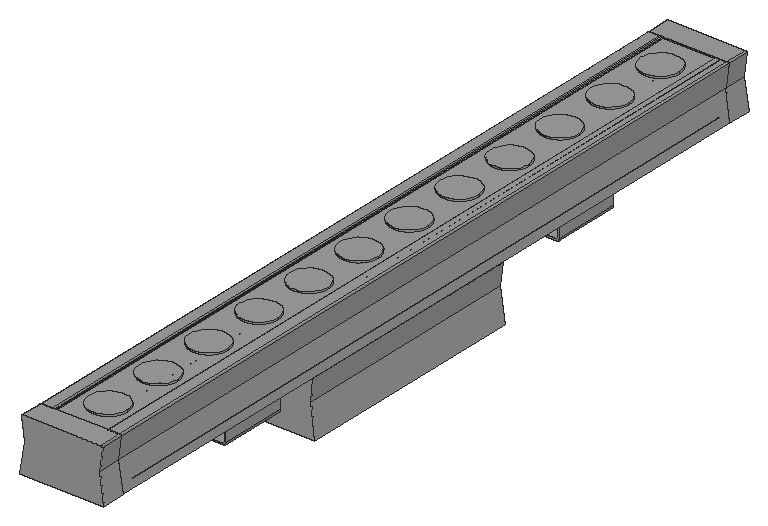
Revit family "SH-1395-40CM", category Lighting Fixtures, Revit 2017
Family settings
  Round Connector Dimension = Use Diameter
  Part Type = Normal
  OmniClass Number = 23.80.70.00
  OmniClass Title = Lighting
  Work Plane-Based = Yes
  Always vertical = No
  Cut with Voids When Loaded = No
  Light Source = No
  Shared = Yes
  Room Calculation Point = No
Parameters (values of type "Sh-1395-12W-40cm(anodized aluminum color-2000K-LED)")
  wattage = 12 W
  instalation = ""
  consumption current = 0.91 A
  color temperature = "2000K"
  color rendering index(CRI) = ""
  Width = 4.2414 cm
  Website = "www.shoaco.com"
  Voltage/Frequency = "230V/50HZ"
  URL = "https://www.shoaco.com/fa/product/%D9%BE%D8%B1%D9%88%DA%98%DA%A9%D8%AA%D9%88%D8%B1-%D9%87%D8%A7/532-%D9%88%D8%A7%D9%84-%D9%88%D8%A7%D8%B4%D8%B1-sh-1395-12LED.html"
  Type medule = "Power LED"
  Protection Class = "Class I"
  Model = "SH-1395-40cm"
  Manufacturer = "SHOA"
  Luminaire Vertical Angle [instance] = 0.00°
  Length = 42.3944 cm
  Lamp = "LED"
  IP = "IP65"
  Height = 7.2291 cm
  Flicker = "Free Flicker"
  Default Elevation = 121.92 cm
  Body color = Anodize color
  Body Material = "Aluminum"
  6500K = no
  3000K = no
  2000K = yes
Types (4, lengths in cm): name | color temperature | 6500K | 3000K | 2000K
  (no name) | "2000K" | no | no | yes
  Sh-1395-12W-40cm(anodized aluminum color-3000K-LED) | "3000K" | no | yes | no
  Sh-1395-12W-40cm(anodized aluminum color-2000K-LED) | "2000K" | no | no | yes
  Sh-1395-12W-40cm(anodized aluminum color-6500K-LED) | "6500K" | yes | no | no
Reference planes (cm)
  plane 1 "Light Source Axis (F/B)": y = 0
  plane 2: z = 0
  plane 3 "Light Source Axis (L/R)": x = 0
  plane 4 "Light Source Elevation": z = 137.16
  plane 5: x = 2.972
  plane 6: x = -1.2694
  plane 7: z = 7.2291
Forms (cm)
  Extrusion 1, solid, not visible
    sketch origin (58.7935, 36.7249, 0) x (1, 0, 0) y (0, 1, 0)
      loop
        line (31.2065, 29.2751) -> (-148.7935, 29.2751) -> (-148.7935, -100.7249) -> (31.2065, -100.7249) -> (31.2065, 29.2751)
    from -8 to 0
Dimensions and locks (cm)
  "Width": plane 6 to plane 5
  "Length": nested 2 to nested 2
  "Height": plane 7 to Extrusion 1
  aligned and locked: level to plane 2
  aligned and locked: level to Extrusion 1
Automatic sketch dimensions
  Extrusion 1 sketch curve to plane 3 "Light Source Axis (L/R)" = 90.0 cm
  plane 3 "Light Source Axis (L/R)" to Extrusion 1 sketch curve = 90.0 cm
  plane 1 "Light Source Axis (F/B)" to Extrusion 1 sketch curve = 64.0 cm
  Extrusion 1 sketch curve to plane 1 "Light Source Axis (F/B)" = 66.0 cm
Nested families (cm)
  nested 1: "1395-12w.ies" at (0.582, 28.1313, 8.1026) x (0, 0, -1) z (0, 1, 0), visible <- "2000K", type "1395-12w-2000K"
  nested 2: "1395-12w" at (0.8438, 30, 3.4063) x (-1, 0, 0) z (0, 0, 1), Body color <- "Body color", Luminaire Vertical Angle <- "Luminaire Vertical Angle", type "1395-12w"
    with Luminaire Vertical Angle 0.00°, Body color Anodize color
  nested 3: "1395-12w.ies" at (0.582, 24.9823, 8.0464) x (0, 0, -1) z (0, 1, 0), visible <- "2000K", type "1395-12w-2000K"
  nested 4: "1395-12w.ies" at (0.582, -8.106, 8.0468) x (0, 0, -1) z (0, 1, 0), visible <- "2000K", type "1395-12w-2000K"
  nested 5: "1395-12w.ies" at (0.582, -4.8839, 8.0575) x (0, 0, -1) z (0, 1, 0), visible <- "2000K", type "1395-12w-2000K"
  nested 6: "1395-12w.ies" at (0.582, -1.5245, 8.073) x (0, 0, -1) z (0, 1, 0), visible <- "2000K", type "1395-12w-2000K"
  nested 7: "1395-12w.ies" at (0.582, 1.6433, 8.056) x (0, 0, -1) z (0, 1, 0), visible <- "2000K", type "1395-12w-2000K"
  nested 8: "1395-12w.ies" at (0.582, 5.0027, 8.0663) x (0, 0, -1) z (0, 1, 0), visible <- "2000K", type "1395-12w-2000K"
  nested 9: "1395-12w.ies" at (0.582, 8.382, 8.0607) x (0, 0, -1) z (0, 1, 0), visible <- "2000K", type "1395-12w-2000K"
  nested 10: "1395-12w.ies" at (0.582, 11.6324, 8.0604) x (0, 0, -1) z (0, 1, 0), visible <- "2000K", type "1395-12w-2000K"
  nested 11: "1395-12w.ies" at (0.582, 14.8987, 8.0777) x (0, 0, -1) z (0, 1, 0), visible <- "2000K", type "1395-12w-2000K"
  nested 12: "1395-12w.ies" at (0.582, 18.2518, 8.0817) x (0, 0, -1) z (0, 1, 0), visible <- "2000K", type "1395-12w-2000K"
  nested 13: "1395-12w.ies" at (0.582, 21.5783, 8.1034) x (0, 0, -1) z (0, 1, 0), visible <- "2000K", type "1395-12w-2000K"
  nested 14: "1395-12w.ies" at (0.5766, 28.1454, 8.1019) x (0, 0, -1) z (0, 1, 0), visible <- "3000K", type "1395-12w-3000K"
  nested 15: "1395-12w.ies" at (0.5766, 24.9965, 8.0457) x (0, 0, -1) z (0, 1, 0), visible <- "3000K", type "1395-12w-3000K"
  nested 16: "1395-12w.ies" at (0.5766, -8.0918, 8.0461) x (0, 0, -1) z (0, 1, 0), visible <- "3000K", type "1395-12w-3000K"
  nested 17: "1395-12w.ies" at (0.5766, -4.8697, 8.0568) x (0, 0, -1) z (0, 1, 0), visible <- "3000K", type "1395-12w-3000K"
  nested 18: "1395-12w.ies" at (0.5766, -1.5103, 8.0723) x (0, 0, -1) z (0, 1, 0), visible <- "3000K", type "1395-12w-3000K"
  nested 19: "1395-12w.ies" at (0.5766, 1.6575, 8.0553) x (0, 0, -1) z (0, 1, 0), visible <- "3000K", type "1395-12w-3000K"
  nested 20: "1395-12w.ies" at (0.5766, 5.0169, 8.0656) x (0, 0, -1) z (0, 1, 0), visible <- "3000K", type "1395-12w-3000K"
  nested 21: "1395-12w.ies" at (0.5766, 8.3962, 8.06) x (0, 0, -1) z (0, 1, 0), visible <- "3000K", type "1395-12w-3000K"
  nested 22: "1395-12w.ies" at (0.5766, 11.6466, 8.0597) x (0, 0, -1) z (0, 1, 0), visible <- "3000K", type "1395-12w-3000K"
  nested 23: "1395-12w.ies" at (0.5766, 14.9129, 8.077) x (0, 0, -1) z (0, 1, 0), visible <- "3000K", type "1395-12w-3000K"
  nested 24: "1395-12w.ies" at (0.5766, 18.266, 8.081) x (0, 0, -1) z (0, 1, 0), visible <- "3000K", type "1395-12w-3000K"
  nested 25: "1395-12w.ies" at (0.5766, 21.5925, 8.1026) x (0, 0, -1) z (0, 1, 0), visible <- "3000K", type "1395-12w-3000K"
  nested 26: "1395-12w.ies" at (0.6035, 28.0726, 8.1281) x (0, 0, -1) z (0, 1, 0), visible <- "6500K", type "1395-12w-6500K"
  nested 27: "1395-12w.ies" at (0.6035, 24.9237, 8.0719) x (0, 0, -1) z (0, 1, 0), visible <- "6500K", type "1395-12w-6500K"
  nested 28: "1395-12w.ies" at (0.6035, -8.1646, 8.0723) x (0, 0, -1) z (0, 1, 0), visible <- "6500K", type "1395-12w-6500K"
  nested 29: "1395-12w.ies" at (0.6035, -4.9425, 8.083) x (0, 0, -1) z (0, 1, 0), visible <- "6500K", type "1395-12w-6500K"
  nested 30: "1395-12w.ies" at (0.6035, -1.5831, 8.0985) x (0, 0, -1) z (0, 1, 0), visible <- "6500K", type "1395-12w-6500K"
  nested 31: "1395-12w.ies" at (0.6035, 1.5847, 8.0815) x (0, 0, -1) z (0, 1, 0), visible <- "6500K", type "1395-12w-6500K"
  nested 32: "1395-12w.ies" at (0.6035, 4.9441, 8.0918) x (0, 0, -1) z (0, 1, 0), visible <- "6500K", type "1395-12w-6500K"
  nested 33: "1395-12w.ies" at (0.6035, 8.3234, 8.0863) x (0, 0, -1) z (0, 1, 0), visible <- "6500K", type "1395-12w-6500K"
  nested 34: "1395-12w.ies" at (0.6035, 11.5738, 8.0859) x (0, 0, -1) z (0, 1, 0), visible <- "6500K", type "1395-12w-6500K"
  nested 35: "1395-12w.ies" at (0.6035, 14.8401, 8.1032) x (0, 0, -1) z (0, 1, 0), visible <- "6500K", type "1395-12w-6500K"
  nested 36: "1395-12w.ies" at (0.6035, 18.1932, 8.1072) x (0, 0, -1) z (0, 1, 0), visible <- "6500K", type "1395-12w-6500K"
  nested 37: "1395-12w.ies" at (0.6035, 21.5197, 8.1289) x (0, 0, -1) z (0, 1, 0), visible <- "6500K", type "1395-12w-6500K"
Connectors (cm)
  electrical at (0.83, 8.9077, 1.3116)
    settings: on nested 2, index 1, voltage 230 V, apparent load 0 VA, apparent load phase1 0 VA, apparent load phase2 0 VA, apparent load phase3 0 VA, power factor 1, load classification "Other", number of poles 1, system type 31, power factor state 1, is connector primary yes, connector utility no, sub classification motor no, connector description ""
Definition of nested family "1395-12w"
  Parameters (values of type "Family1")
    Luminaire Vertical Angle [instance] = 0.00°
    Default Elevation = 121.92 cm
    Body color [instance] = none
  Reference planes (cm)
    plane 1 "Center (Front/Back)": y = 0
    plane 2: z = 0
    plane 3 "Center (Left/Right)": x = 0
  Forms (cm)
    Extrusion 1, solid, material <- "Body color"
      sketch origin (-0.0204, 0, 13.3841) x (0, 0, -1) y (1, 0, 0)
        loop
          line (12.4765, 1.9962) -> (12.4765, 2.2323) -> (10.9107, 2.0099) -> (9.7437, 2.1595)
          arc (9.7437, 2.1595) -> (9.6858, 2.1418) -> (9.6609, 2.0866) r 0.0735
          line (9.6609, 2.0866) -> (9.6609, 1.513)
          arc (9.6609, 1.513) -> (9.6764, 1.4756) -> (9.7139, 1.46) r 0.053
          line (9.7139, 1.46) -> (9.8113, 1.46)
          arc (9.8113, 1.46) -> (9.8539, 1.4777) -> (9.8715, 1.5203) r 0.0603
          line (9.8715, 1.5203) -> (9.8715, 1.607) -> (9.7725, 1.6689) -> (9.7868, 1.7588) -> (10.1865, 1.7588) -> (10.5087, 1.7588)
          arc (10.5087, 1.7588) -> (10.5461, 1.7433) -> (10.5615, 1.706) r 0.0528
          line (10.5615, 1.706) -> (10.5615, 1.5388) -> (10.4215, 1.5388) -> (10.4215, 1.4088) -> (11.7815, 1.4088) -> (11.7815, 1.5388) -> (11.9814, 1.5388)
          arc (11.9814, 1.5388) -> (12.0168, 1.5241) -> (12.0315, 1.4887) r 0.0501
          line (12.0315, 1.4887) -> (12.0315, 0.0388) -> (12.0315, -1.4111)
          arc (12.0315, -1.4111) -> (12.0168, -1.4465) -> (11.9814, -1.4612) r 0.0501
          line (11.9814, -1.4612) -> (11.7815, -1.4612) -> (11.7815, -1.3312) -> (10.4215, -1.3312) -> (10.4215, -1.4612) -> (10.5615, -1.4612) -> (10.5615, -1.6284)
          arc (10.5615, -1.6284) -> (10.5461, -1.6657) -> (10.5087, -1.6812) r 0.0528
          line (10.5087, -1.6812) -> (10.1865, -1.6812) -> (9.7868, -1.6812) -> (9.7725, -1.5913) -> (9.8715, -1.5294) -> (9.8715, -1.4427)
          arc (9.8715, -1.4427) -> (9.8539, -1.4001) -> (9.8113, -1.3824) r 0.0603
          line (9.8113, -1.3824) -> (9.7139, -1.3824)
          arc (9.7139, -1.3824) -> (9.6764, -1.398) -> (9.6609, -1.4355) r 0.053
          line (9.6609, -1.4355) -> (9.6609, -2.009)
          arc (9.6609, -2.009) -> (9.6858, -2.0642) -> (9.7437, -2.0819) r 0.0735
          line (9.7437, -2.0819) -> (10.9107, -1.9323) -> (12.4765, -2.1547) -> (12.4765, -1.9186) -> (12.1715, -1.8753) -> (12.1715, -1.776)
          arc (12.1715, -1.776) -> (12.13, -1.7225) -> (12.0678, -1.7493) r 0.0553
          arc (12.0678, -1.7493) -> (11.9466, -1.8033) -> (11.8616, -1.7014) r 0.11
          arc (11.8616, -1.7014) -> (11.9306, -1.5941) -> (12.0546, -1.6241) r 0.11
          arc (12.0546, -1.6241) -> (12.1282, -1.6428) -> (12.1715, -1.5804) r 0.0666
          line (12.1715, -1.5804) -> (12.1715, -1.4395)
          arc (12.1715, -1.4395) -> (12.1886, -1.3983) -> (12.2298, -1.3812) r 0.0583
          line (12.2298, -1.3812) -> (12.319, -1.3812)
          arc (12.319, -1.3812) -> (12.3567, -1.3968) -> (12.3722, -1.4344) r 0.0532
          line (12.3722, -1.4344) -> (12.3722, -1.5588)
          arc (12.3722, -1.5588) -> (12.4233, -1.6099) -> (12.4744, -1.5588) r 0.0511
          line (12.4744, -1.5588) -> (12.4744, -1.2028)
          arc (12.4744, -1.2028) -> (12.4593, -1.1663) -> (12.4229, -1.1512) r 0.0516
          line (12.4229, -1.1512) -> (12.2115, -1.1512)
          arc (12.2115, -1.1512) -> (12.1515, -1.0912) -> (12.2115, -1.0312) r 0.06
          line (12.2115, -1.0312) -> (12.4303, -1.0312)
          arc (12.4303, -1.0312) -> (12.4753, -0.9862) -> (12.4303, -0.9412) r 0.045
          line (12.4303, -0.9412) -> (12.2115, -0.9412)
          arc (12.2115, -0.9412) -> (12.1515, -0.8812) -> (12.2115, -0.8212) r 0.06
          line (12.2115, -0.8212) -> (12.4381, -0.8212)
          arc (12.4381, -0.8212) -> (12.4831, -0.7762) -> (12.4381, -0.7312) r 0.045
          line (12.4381, -0.7312) -> (12.2115, -0.7312)
          arc (12.2115, -0.7312) -> (12.1515, -0.6712) -> (12.2115, -0.6112) r 0.06
          line (12.2115, -0.6112) -> (12.4303, -0.6112)
          arc (12.4303, -0.6112) -> (12.4753, -0.5662) -> (12.4303, -0.5212) r 0.045
          line (12.4303, -0.5212) -> (12.2115, -0.5212)
          arc (12.2115, -0.5212) -> (12.1515, -0.4612) -> (12.2115, -0.4012) r 0.06
          line (12.2115, -0.4012) -> (12.4217, -0.4012)
          arc (12.4217, -0.4012) -> (12.4585, -0.386) -> (12.4737, -0.3492) r 0.052
          line (12.4737, -0.3492) -> (12.4737, 0.0388) -> (12.4737, 0.4268)
          arc (12.4737, 0.4268) -> (12.4585, 0.4636) -> (12.4217, 0.4788) r 0.052
          line (12.4217, 0.4788) -> (12.2115, 0.4788)
          arc (12.2115, 0.4788) -> (12.1515, 0.5388) -> (12.2115, 0.5988) r 0.06
          line (12.2115, 0.5988) -> (12.4381, 0.5988)
          arc (12.4381, 0.5988) -> (12.4831, 0.6438) -> (12.4381, 0.6888) r 0.045
          line (12.4381, 0.6888) -> (12.2115, 0.6888)
          arc (12.2115, 0.6888) -> (12.1515, 0.7488) -> (12.2115, 0.8088) r 0.06
          line (12.2115, 0.8088) -> (12.4303, 0.8088)
          arc (12.4303, 0.8088) -> (12.4753, 0.8538) -> (12.4303, 0.8988) r 0.045
          line (12.4303, 0.8988) -> (12.2115, 0.8988)
          arc (12.2115, 0.8988) -> (12.1515, 0.9588) -> (12.2115, 1.0188) r 0.06
          line (12.2115, 1.0188) -> (12.4381, 1.0188)
          arc (12.4381, 1.0188) -> (12.4831, 1.0638) -> (12.4381, 1.1088) r 0.045
          line (12.4381, 1.1088) -> (12.2115, 1.1088)
          arc (12.2115, 1.1088) -> (12.1515, 1.1688) -> (12.2115, 1.2288) r 0.06
          line (12.2115, 1.2288) -> (12.4229, 1.2288)
          arc (12.4229, 1.2288) -> (12.4593, 1.2439) -> (12.4744, 1.2804) r 0.0516
          line (12.4744, 1.2804) -> (12.4744, 1.6364)
          arc (12.4744, 1.6364) -> (12.4233, 1.6875) -> (12.3722, 1.6364) r 0.0511
          line (12.3722, 1.6364) -> (12.3722, 1.512)
          arc (12.3722, 1.512) -> (12.3567, 1.4744) -> (12.319, 1.4588) r 0.0532
          line (12.319, 1.4588) -> (12.2298, 1.4588)
          arc (12.2298, 1.4588) -> (12.1886, 1.4759) -> (12.1715, 1.5171) r 0.0583
          line (12.1715, 1.5171) -> (12.1715, 1.658)
          arc (12.1715, 1.658) -> (12.1282, 1.7204) -> (12.0546, 1.7017) r 0.0666
          arc (12.0546, 1.7017) -> (11.9306, 1.6717) -> (11.8616, 1.779) r 0.11
          arc (11.8616, 1.779) -> (11.9466, 1.8809) -> (12.0678, 1.8269) r 0.11
          arc (12.0678, 1.8269) -> (12.13, 1.8001) -> (12.1715, 1.8536) r 0.0553
          line (12.1715, 1.8536) -> (12.1715, 1.9529) -> (12.4821, 1.997)
      from -39.9656 to 0
    Extrusion 2, solid, material <- "Body color"
      sketch origin (-0.0204, 0, 13.3841) x (0, 0, -1) y (1, 0, 0)
        loop
          line (10.4215, -1.4612) -> (10.4215, 1.5388) -> (10.3304, 1.5388) -> (10.3304, -1.4612) -> (10.4215, -1.4612)
      from 0 to -39.9656
    Extrusion 3, solid, material <- "Body color"
      sketch origin (-0.0204, 0, 13.3841) x (0, 0, -1) y (1, 0, 0)
        loop
          arc (9.7437, 2.1558) -> (9.6858, 2.138) -> (9.6609, 2.0828) r 0.0735
          line (9.6609, 2.0828) -> (9.6609, -2.0087)
          arc (9.6609, -2.0087) -> (9.6858, -2.0639) -> (9.7437, -2.0817) r 0.0735
          line (9.7437, -2.0817) -> (10.8963, -1.9339) -> (12.4833, -2.1593) -> (12.4833, 2.2277) -> (10.9173, 2.0053) -> (9.7437, 2.1558)
      from 0 to 1.2046
    Extrusion 4, solid, material <- "Body color"
      sketch origin (-0.0204, 0, 13.3841) x (0, 0, -1) y (1, 0, 0)
        loop
          line (9.6609, 2.0866) -> (9.6609, -2.009)
          arc (9.6609, -2.009) -> (9.6858, -2.0642) -> (9.7437, -2.0819) r 0.0735
          line (9.7437, -2.0819) -> (10.9107, -1.9323) -> (12.4833, -2.1557) -> (12.4833, 2.2333) -> (10.9107, 2.0099) -> (9.7437, 2.1595)
          arc (9.7437, 2.1595) -> (9.6858, 2.1418) -> (9.6609, 2.0866) r 0.0735
      from -41.1898 to -39.9656
    Extrusion 5, solid, material <- "Body color"
      sketch origin (-0.0204, 0, 13.3841) x (0, 0, -1) y (1, 0, 0)
        loop
          line (9.7139, 1.46) -> (9.7139, -1.3824) -> (9.8113, -1.3824) -> (9.8113, 1.46) -> (9.7139, 1.46)
      from 0 to -39.9656
    Extrusion 6, solid
      sketch origin (-2.0817, 30.2045, 3.7232) x (1, 0, 0) y (0, 1, 0)
        loop
          circle (2.0475, 8.0119) r 1
      from -0.3052 to 0.0069
    Extrusion 7, solid
      sketch origin (-2.0817, 26.9056, 3.7232) x (1, 0, 0) y (0, 1, 0)
        loop
          circle (2.0475, 8.0119) r 1
      from -0.3052 to 0.0069
    Extrusion 8, solid
      sketch origin (-2.0817, 23.6027, 3.7232) x (1, 0, 0) y (0, 1, 0)
        loop
          circle (2.0475, 8.0119) r 1
      from -0.3052 to 0.0069
    Extrusion 9, solid
      sketch origin (-2.0817, 20.3025, 3.7232) x (1, 0, 0) y (0, 1, 0)
        loop
          circle (2.0475, 8.0119) r 1
      from -0.3052 to 0.0069
    Extrusion 10, solid
      sketch origin (-2.0817, 17.0043, 3.7232) x (1, 0, 0) y (0, 1, 0)
        loop
          circle (2.0475, 8.0119) r 1
      from -0.3052 to 0.0069
    Extrusion 11, solid
      sketch origin (-2.0817, 13.7061, 3.7232) x (1, 0, 0) y (0, 1, 0)
        loop
          circle (2.0475, 8.0119) r 1
      from -0.3052 to 0.0069
    Extrusion 12, solid
      sketch origin (-2.0817, 10.4041, 3.7232) x (1, 0, 0) y (0, 1, 0)
        loop
          circle (2.0475, 8.0119) r 1
      from -0.3052 to 0.0069
    Extrusion 13, solid
      sketch origin (-2.0817, 7.1039, 3.7232) x (1, 0, 0) y (0, 1, 0)
        loop
          circle (2.0475, 8.0119) r 1
      from -0.3052 to 0.0069
    Extrusion 14, solid
      sketch origin (-2.0817, 3.8038, 3.7232) x (1, 0, 0) y (0, 1, 0)
        loop
          circle (2.0475, 8.0119) r 1
      from -0.3052 to 0.0069
    Extrusion 15, solid
      sketch origin (-2.0817, 0.5037, 3.7232) x (1, 0, 0) y (0, 1, 0)
        loop
          circle (2.0475, 8.0119) r 1
      from -0.3052 to 0.0069
    Extrusion 16, solid
      sketch origin (-2.0817, -2.7995, 3.7232) x (1, 0, 0) y (0, 1, 0)
        loop
          circle (2.0475, 8.0119) r 1
      from -0.3052 to 0.0069
    Extrusion 17, solid
      sketch origin (-2.0817, -6.1002, 3.7232) x (1, 0, 0) y (0, 1, 0)
        loop
          circle (2.0475, 8.0119) r 1
      from -0.3052 to 0.0069
    Extrusion 18, solid, material <- "Body color"
      sketch origin (0.0108, 0, 13.0403) x (0, 0, -1) y (1, 0, 0)
        loop
          line (11.9766, -1.5373) -> (11.8966, -1.5373) -> (11.8966, -1.7172)
          arc (11.8966, -1.7172) -> (11.9352, -1.8104) -> (12.0284, -1.849) r 0.1318
          line (12.0284, -1.849) -> (12.9924, -1.849)
          arc (12.9924, -1.849) -> (13.0854, -1.8105) -> (13.1239, -1.7175) r 0.1315
          line (13.1239, -1.7175) -> (13.1239, -0.2396)
          arc (13.1239, -0.2396) -> (13.2737, -0.1536) -> (13.3555, -0.0016) r 0.3148
          arc (13.3555, -0.0016) -> (13.2737, 0.1504) -> (13.1239, 0.2364) r 0.3148
          line (13.1239, 0.2364) -> (13.1239, 1.6752)
          arc (13.1239, 1.6752) -> (13.0854, 1.7682) -> (12.9924, 1.8067) r 0.1315
          line (12.9924, 1.8067) -> (12.0284, 1.8067)
          arc (12.0284, 1.8067) -> (11.9352, 1.7681) -> (11.8966, 1.6749) r 0.1318
          line (11.8966, 1.6749) -> (11.8966, 1.5373) -> (11.9766, 1.5373) -> (11.9766, 1.6749)
          arc (11.9766, 1.6749) -> (11.9918, 1.7115) -> (12.0284, 1.7267) r 0.0518
          line (12.0284, 1.7267) -> (12.9924, 1.7267)
          arc (12.9924, 1.7267) -> (13.0289, 1.7116) -> (13.0439, 1.6752) r 0.0515
          line (13.0439, 1.6752) -> (13.0439, 0.2207)
          arc (13.0439, 0.2207) -> (13.0577, 0.1823) -> (13.0928, 0.1614) r 0.0604
          arc (13.0928, 0.1614) -> (13.2056, 0.105) -> (13.2729, -0.0016) r 0.2348
          arc (13.2729, -0.0016) -> (13.2056, -0.1082) -> (13.0928, -0.1646) r 0.2348
          arc (13.0928, -0.1646) -> (13.0577, -0.1855) -> (13.0439, -0.2239) r 0.0604
          line (13.0439, -0.2239) -> (13.0439, -1.7175)
          arc (13.0439, -1.7175) -> (13.0289, -1.754) -> (12.9924, -1.769) r 0.0515
          line (12.9924, -1.769) -> (12.0284, -1.769)
          arc (12.0284, -1.769) -> (11.9918, -1.7539) -> (11.9766, -1.7172) r 0.0518
          line (11.9766, -1.7172) -> (11.9766, -1.5373)
      from -10.7884 to -7.2801
    Extrusion 19, solid, material <- "Body color"
      sketch origin (0.0108, 0, 13.0403) x (0, 0, -1) y (1, 0, 0)
        loop
          line (11.9766, -1.5373) -> (11.8966, -1.5373) -> (11.8966, -1.7172)
          arc (11.8966, -1.7172) -> (11.9352, -1.8104) -> (12.0284, -1.849) r 0.1318
          line (12.0284, -1.849) -> (12.9947, -1.849)
          arc (12.9947, -1.849) -> (13.0877, -1.8105) -> (13.1262, -1.7175) r 0.1315
          line (13.1262, -1.7175) -> (13.1262, -0.238)
          arc (13.1262, -0.238) -> (13.276, -0.152) -> (13.3578, 0) r 0.3148
          arc (13.3578, 0) -> (13.276, 0.152) -> (13.1262, 0.238) r 0.3148
          line (13.1262, 0.238) -> (13.1262, 1.6752)
          arc (13.1262, 1.6752) -> (13.0877, 1.7682) -> (12.9947, 1.8067) r 0.1315
          line (12.9947, 1.8067) -> (12.0284, 1.8067)
          arc (12.0284, 1.8067) -> (11.9352, 1.7681) -> (11.8966, 1.6749) r 0.1318
          line (11.8966, 1.6749) -> (11.8966, 1.5373) -> (11.9766, 1.5373) -> (11.9766, 1.6749)
          arc (11.9766, 1.6749) -> (11.9918, 1.7115) -> (12.0284, 1.7267) r 0.0518
          line (12.0284, 1.7267) -> (12.9947, 1.7267)
          arc (12.9947, 1.7267) -> (13.0312, 1.7116) -> (13.0462, 1.6752) r 0.0515
          line (13.0462, 1.6752) -> (13.0462, 0.2223)
          arc (13.0462, 0.2223) -> (13.06, 0.1839) -> (13.0951, 0.163) r 0.0604
          arc (13.0951, 0.163) -> (13.2079, 0.1066) -> (13.2752, 0) r 0.2348
          arc (13.2752, 0) -> (13.2079, -0.1066) -> (13.0951, -0.163) r 0.2348
          arc (13.0951, -0.163) -> (13.06, -0.1839) -> (13.0462, -0.2223) r 0.0604
          line (13.0462, -0.2223) -> (13.0462, -1.7175)
          arc (13.0462, -1.7175) -> (13.0312, -1.754) -> (12.9947, -1.769) r 0.0515
          line (12.9947, -1.769) -> (12.0284, -1.769)
          arc (12.0284, -1.769) -> (11.9918, -1.7539) -> (11.9766, -1.7172) r 0.0518
          line (11.9766, -1.7172) -> (11.9766, -1.5373)
      from -32.7269 to -29.1816
    Extrusion 20, solid, not visible
      sketch origin (0, 0, 0) x (1, 0, 0) y (0, 1, 0)
        loop
          line (50, 70.5415) -> (-50, 70.5415) -> (-50, -41.4585) -> (50, -41.4585) -> (50, 70.5415)
      from 0 to -7.867
    Extrusion 21, solid, material <- "Body color"
      sketch origin (0.0108, 0, 12.4153) x (0, 0, -1) y (1, 0, 0)
        loop
          line (11.5049, 2.0516) -> (11.5049, -2.04)
          arc (11.5049, -2.04) -> (11.5299, -2.0952) -> (11.5878, -2.1129) r 0.0735
          line (11.5878, -2.1129) -> (12.7404, -1.9651) -> (14.5099, -2.2165) -> (14.5099, 2.2224) -> (12.7614, 1.974) -> (11.5878, 2.1245)
          arc (11.5878, 2.1245) -> (11.5299, 2.1068) -> (11.5049, 2.0516) r 0.0735
      from -27.3194 to -14.8652
  Lines and regions (cm)
    reference lines
      curve 1: line (12.515, 0, 0) -> (0, 0, 0)
  Dimensions and locks (cm)
    Extrusion 19 to Extrusion 18 sketch curve = 1.4589 cm
    "Luminaire Vertical Angle": angle level to curve 1
    aligned and locked: plane 2 to level
    aligned and locked: plane 2 to curve 1
    aligned and locked: level to Extrusion 20
    aligned and locked: plane 2 to Extrusion 20
  Automatic sketch dimensions
    Extrusion 20 sketch curve to plane 3 "Center (Left/Right)" = 50.0 cm
    plane 3 "Center (Left/Right)" to Extrusion 20 sketch curve = 50.0 cm
    plane 1 "Center (Front/Back)" to Extrusion 20 sketch curve = 41.4585 cm
    Extrusion 20 sketch curve to plane 1 "Center (Front/Back)" = 70.5415 cm
    Extrusion 1 sketch curve to Extrusion 1 sketch curve = 0.0 cm  (x12)
    Extrusion 1 sketch curve to curve 1 = 3.7232 cm
    curve 1 to Extrusion 1 sketch curve = 3.7232 cm
    Extrusion 1 sketch curve to Extrusion 1 sketch curve = 0.053 cm  (x2)
    Extrusion 1 sketch curve to Extrusion 1 sketch curve = 0.0735 cm  (x2)
    Extrusion 1 sketch curve to Extrusion 1 sketch curve = 0.0093 cm  (x2)
    Extrusion 1 sketch curve to Extrusion 1 sketch curve = 0.0587 cm  (x2)
    Extrusion 1 sketch curve to Extrusion 1 sketch curve = 0.0142 cm  (x2)
    Extrusion 1 sketch curve to Extrusion 1 sketch curve = 0.0974 cm  (x2)
    Extrusion 1 sketch curve to Extrusion 1 sketch curve = 0.0603 cm  (x2)
    Extrusion 1 sketch curve to Extrusion 1 sketch curve = 0.315 cm  (x2)
    Extrusion 1 sketch curve to Extrusion 1 sketch curve = 0.235 cm  (x2)
    Extrusion 1 sketch curve to Extrusion 1 sketch curve = 0.0872 cm  (x2)
    Extrusion 1 sketch curve to Extrusion 1 sketch curve = 0.14 cm  (x2)
    Extrusion 1 sketch curve to Extrusion 1 sketch curve = 0.0528 cm
    Extrusion 1 sketch curve to Extrusion 1 sketch curve = 0.3492 cm  (x2)
    curve 1 to Extrusion 1 sketch curve = 1.6026 cm
    Extrusion 1 sketch curve to curve 1 = 1.6026 cm
    Extrusion 1 sketch curve to Extrusion 1 sketch curve = 0.19 cm  (x2)
    Extrusion 1 sketch curve to Extrusion 1 sketch curve = 0.1999 cm  (x2)
    Extrusion 1 sketch curve to Extrusion 1 sketch curve = 0.0501 cm
    Extrusion 1 sketch curve to Extrusion 1 sketch curve = 0.1235 cm  (x2)
    Extrusion 1 sketch curve to Extrusion 1 sketch curve = 0.1447 cm  (x2)
    Extrusion 1 sketch curve to Extrusion 1 sketch curve = 0.0666 cm
    Extrusion 1 sketch curve to Extrusion 1 sketch curve = 0.0553 cm  (x2)
    Extrusion 1 sketch curve to curve 1 = 1.1726 cm  (x2)
    Extrusion 1 sketch curve to Extrusion 1 sketch curve = 0.04 cm
    Extrusion 1 sketch curve to Extrusion 1 sketch curve = 0.0583 cm  (x2)
    Extrusion 1 sketch curve to Extrusion 1 sketch curve = 0.0892 cm  (x2)
    Extrusion 1 sketch curve to Extrusion 1 sketch curve = 0.0532 cm  (x2)
    curve 1 to Extrusion 1 sketch curve = 0.9624 cm  (x2)
    curve 1 to Extrusion 1 sketch curve = 0.9612 cm  (x2)
    Extrusion 1 sketch curve to Extrusion 1 sketch curve = 0.0511 cm  (x2)
    Extrusion 1 sketch curve to Extrusion 1 sketch curve = 0.0086 cm
    Extrusion 1 sketch curve to curve 1 = 0.9538 cm
    curve 1 to Extrusion 1 sketch curve = 0.9538 cm
    Extrusion 1 sketch curve to curve 1 = 0.946 cm
    Extrusion 1 sketch curve to Extrusion 1 sketch curve = 0.0078 cm
    curve 1 to Extrusion 1 sketch curve = 0.946 cm
    curve 1 to Extrusion 1 sketch curve = 0.9104 cm
    curve 1 to Extrusion 1 sketch curve = 0.9076 cm  (x2)
    Extrusion 1 sketch curve to curve 1 = 2.1751 cm
    Extrusion 1 sketch curve to curve 1 = 2.1023 cm
    Extrusion 1 sketch curve to curve 1 = 1.9527 cm
    Extrusion 1 sketch curve to Extrusion 1 sketch curve = 0.236 cm  (x2)
    Extrusion 1 sketch curve to Extrusion 1 sketch curve = 0.0433 cm
    Extrusion 1 sketch curve to Extrusion 1 sketch curve = 0.0993 cm  (x2)
    Extrusion 1 sketch curve to Extrusion 1 sketch curve = 0.0798 cm
    Extrusion 1 sketch curve to Extrusion 1 sketch curve = 0.3278 cm  (x2)
    Extrusion 1 sketch curve to Extrusion 1 sketch curve = 0.0899 cm
    Extrusion 1 sketch curve to Extrusion 1 sketch curve = 0.1956 cm
    Extrusion 1 sketch curve to Extrusion 1 sketch curve = 0.0216 cm
    Extrusion 1 sketch curve to Extrusion 1 sketch curve = 0.0618 cm  (x2)
    Extrusion 1 sketch curve to Extrusion 1 sketch curve = 0.1672 cm  (x2)
    Extrusion 1 sketch curve to Extrusion 1 sketch curve = 0.1192 cm
    Extrusion 1 sketch curve to Extrusion 1 sketch curve = 0.0867 cm  (x2)
    Extrusion 1 sketch curve to Extrusion 1 sketch curve = 0.1409 cm  (x2)
    Extrusion 1 sketch curve to Extrusion 1 sketch curve = 0.13 cm  (x2)
    Extrusion 1 sketch curve to Extrusion 1 sketch curve = 0.1784 cm  (x2)
    Extrusion 1 sketch curve to Extrusion 1 sketch curve = 0.06 cm  (x7)
    Extrusion 1 sketch curve to Extrusion 1 sketch curve = 0.045 cm  (x6)
    Extrusion 1 sketch curve to curve 1 = 0.9016 cm
    Extrusion 1 sketch curve to Extrusion 1 sketch curve = 0.388 cm  (x2)
    Extrusion 1 sketch curve to Extrusion 1 sketch curve = 0.18 cm
    Extrusion 1 sketch curve to Extrusion 1 sketch curve = 0.0512 cm
    Extrusion 1 sketch curve to Extrusion 1 sketch curve = 0.0284 cm
    Extrusion 1 sketch curve to Extrusion 1 sketch curve = 0.1244 cm
    Extrusion 1 sketch curve to Extrusion 1 sketch curve = 0.1158 cm
    Extrusion 1 sketch curve to Extrusion 1 sketch curve = 0.1519 cm
    Extrusion 1 sketch curve to Extrusion 1 sketch curve = 0.3039 cm
    Extrusion 1 sketch curve to Extrusion 1 sketch curve = 0.2794 cm
    Extrusion 1 sketch curve to Extrusion 1 sketch curve = 0.1099 cm  (x2)
    Extrusion 1 sketch curve to Extrusion 1 sketch curve = 0.0056 cm
    Extrusion 2 sketch curve to curve 1 = 3.0537 cm
    Extrusion 2 sketch curve to Extrusion 2 sketch curve = 0.0911 cm
    Extrusion 2 sketch curve to curve 1 = 1.4816 cm
    curve 1 to Extrusion 2 sketch curve = 1.5184 cm
    Extrusion 3 sketch curve to curve 1 = 3.7232 cm
    Extrusion 3 sketch curve to Extrusion 3 sketch curve = 0.0735 cm  (x2)
    Extrusion 3 sketch curve to Extrusion 3 sketch curve = 0.0093 cm  (x2)
    Extrusion 3 sketch curve to curve 1 = 2.4877 cm
    Extrusion 3 sketch curve to Extrusion 3 sketch curve = 1.1736 cm
    curve 1 to Extrusion 3 sketch curve = 0.9008 cm
    Extrusion 3 sketch curve to curve 1 = 2.1797 cm
    Extrusion 3 sketch curve to curve 1 = 2.1021 cm
    Extrusion 3 sketch curve to curve 1 = 1.9543 cm
    curve 1 to Extrusion 3 sketch curve = 1.9849 cm
    Extrusion 3 sketch curve to Extrusion 3 sketch curve = 0.0775 cm
    Extrusion 3 sketch curve to Extrusion 3 sketch curve = 0.2224 cm
    Extrusion 4 sketch curve to curve 1 = 3.7232 cm
    Extrusion 4 sketch curve to Extrusion 4 sketch curve = 0.0735 cm  (x2)
    Extrusion 4 sketch curve to Extrusion 4 sketch curve = 0.0093 cm  (x2)
    Extrusion 4 sketch curve to Extrusion 4 sketch curve = 1.1669 cm
    Extrusion 4 sketch curve to curve 1 = 2.4734 cm
    curve 1 to Extrusion 4 sketch curve = 0.9008 cm
    Extrusion 4 sketch curve to curve 1 = 2.1761 cm
    Extrusion 4 sketch curve to curve 1 = 2.1023 cm
    Extrusion 4 sketch curve to curve 1 = 1.9527 cm
    curve 1 to Extrusion 4 sketch curve = 1.9894 cm
    Extrusion 4 sketch curve to Extrusion 4 sketch curve = 0.0767 cm
    Extrusion 4 sketch curve to Extrusion 4 sketch curve = 0.2234 cm
    Extrusion 5 sketch curve to curve 1 = 3.6702 cm
    Extrusion 5 sketch curve to Extrusion 5 sketch curve = 0.0974 cm
    Extrusion 5 sketch curve to curve 1 = 1.4029 cm
    curve 1 to Extrusion 5 sketch curve = 1.4396 cm
    Extrusion 3 to Extrusion 6 sketch curve = 1.995 cm
    Extrusion 6 sketch curve to Extrusion 3 = 38.2164 cm
    Extrusion 3 to Extrusion 7 sketch curve = 1.995 cm
    Extrusion 7 sketch curve to Extrusion 3 = 34.9175 cm
    Extrusion 3 to Extrusion 8 sketch curve = 1.995 cm
    Extrusion 8 sketch curve to Extrusion 3 = 31.6145 cm
    Extrusion 3 to Extrusion 9 sketch curve = 1.995 cm
    Extrusion 9 sketch curve to Extrusion 3 = 28.3143 cm
    Extrusion 3 to Extrusion 10 sketch curve = 1.995 cm
    Extrusion 10 sketch curve to Extrusion 3 = 25.0162 cm
    Extrusion 3 to Extrusion 11 sketch curve = 1.995 cm
    Extrusion 11 sketch curve to Extrusion 3 = 21.718 cm
    Extrusion 3 to Extrusion 12 sketch curve = 1.995 cm
    Extrusion 12 sketch curve to Extrusion 3 = 18.4159 cm
    Extrusion 3 to Extrusion 13 sketch curve = 1.995 cm
    Extrusion 13 sketch curve to Extrusion 3 = 15.1158 cm
    Extrusion 3 to Extrusion 14 sketch curve = 1.995 cm
    Extrusion 14 sketch curve to Extrusion 3 = 11.8157 cm
    Extrusion 3 to Extrusion 15 sketch curve = 1.995 cm
    Extrusion 15 sketch curve to Extrusion 3 = 8.5155 cm
    Extrusion 3 to Extrusion 16 sketch curve = 1.995 cm
    Extrusion 16 sketch curve to Extrusion 3 = 5.2124 cm
    Extrusion 3 to Extrusion 17 sketch curve = 1.995 cm
    Extrusion 17 sketch curve to Extrusion 3 = 1.9117 cm
    Extrusion 18 sketch curve to Extrusion 18 sketch curve = 0.0 cm  (x14)
    Extrusion 18 sketch curve to Extrusion 18 sketch curve = 0.2316 cm  (x2)
    Extrusion 18 sketch curve to Extrusion 18 sketch curve = 0.0196 cm  (x2)
    Extrusion 18 sketch curve to Extrusion 18 sketch curve = 0.0564 cm
    Extrusion 18 sketch curve to Extrusion 18 sketch curve = 0.0604 cm  (x2)
    Extrusion 18 sketch curve to Extrusion 18 sketch curve = 0.0515 cm  (x2)
    curve 1 to Extrusion 18 sketch curve = 1.0119 cm  (x2)
    Extrusion 18 sketch curve to Extrusion 18 sketch curve = 0.0518 cm  (x2)
    Extrusion 18 sketch curve to curve 1 = 1.8382 cm
    Extrusion 18 sketch curve to Extrusion 18 sketch curve = 0.18 cm
    Extrusion 18 sketch curve to curve 1 = 0.2288 cm
    Extrusion 18 sketch curve to Extrusion 18 sketch curve = 0.0157 cm  (x2)
    Extrusion 18 sketch curve to Extrusion 18 sketch curve = 0.1548 cm
    Extrusion 18 sketch curve to Extrusion 18 sketch curve = 0.135 cm
    Extrusion 18 sketch curve to Extrusion 18 sketch curve = 1.3166 cm
    Extrusion 18 sketch curve to Extrusion 18 sketch curve = 0.1376 cm
    Extrusion 18 sketch curve to Extrusion 18 sketch curve = 0.0826 cm
    Extrusion 19 sketch curve to Extrusion 19 sketch curve = 0.0 cm  (x15)
    curve 1 to Extrusion 19 sketch curve = 1.1437 cm  (x2)
    Extrusion 19 sketch curve to Extrusion 19 sketch curve = 0.08 cm  (x2)
    Extrusion 19 sketch curve to Extrusion 19 sketch curve = 0.0518 cm  (x2)
    curve 1 to Extrusion 19 sketch curve = 0.0456 cm  (x2)
    Extrusion 19 sketch curve to Extrusion 19 sketch curve = 0.0515 cm  (x2)
    Extrusion 19 sketch curve to Extrusion 19 sketch curve = 0.0041 cm
    Extrusion 19 sketch curve to Extrusion 19 sketch curve = 0.0196 cm  (x2)
    Extrusion 19 sketch curve to curve 1 = 1.8382 cm
    Extrusion 19 sketch curve to Extrusion 19 sketch curve = 0.18 cm
    Extrusion 19 sketch curve to curve 1 = 0.2272 cm
    Extrusion 19 sketch curve to Extrusion 19 sketch curve = 0.0157 cm  (x2)
    Extrusion 19 sketch curve to Extrusion 19 sketch curve = 0.1548 cm  (x2)
    Extrusion 19 sketch curve to Extrusion 19 sketch curve = 0.135 cm
    Extrusion 19 sketch curve to Extrusion 19 sketch curve = 1.315 cm
    Extrusion 19 sketch curve to Extrusion 19 sketch curve = 0.1376 cm
    curve 1 to Extrusion 21 sketch curve = 0.9104 cm
    curve 1 to Extrusion 21 sketch curve = 0.8368 cm  (x2)
    curve 1 to Extrusion 21 sketch curve = 0.8275 cm  (x2)
    curve 1 to Extrusion 21 sketch curve = 0.3251 cm
    Extrusion 21 sketch curve to curve 1 = 0.3461 cm
    Extrusion 21 sketch curve to Extrusion 21 sketch curve = 1.7485 cm
    Extrusion 21 sketch curve to curve 1 = 2.2057 cm
    Extrusion 21 sketch curve to curve 1 = 2.1021 cm
    Extrusion 21 sketch curve to curve 1 = 1.9543 cm
    curve 1 to Extrusion 21 sketch curve = 1.9849 cm
    Extrusion 21 sketch curve to Extrusion 21 sketch curve = 0.0775 cm
    Extrusion 21 sketch curve to Extrusion 21 sketch curve = 0.2484 cm
    curve 1 to plane 3 "Center (Left/Right)" = 0.0 cm
    radius of Extrusion 6 sketch curve = 1.0 cm
    radius of Extrusion 7 sketch curve = 1.0 cm
    radius of Extrusion 8 sketch curve = 1.0 cm
    radius of Extrusion 9 sketch curve = 1.0 cm
    radius of Extrusion 10 sketch curve = 1.0 cm
    radius of Extrusion 11 sketch curve = 1.0 cm
    radius of Extrusion 12 sketch curve = 1.0 cm
    radius of Extrusion 13 sketch curve = 1.0 cm
    radius of Extrusion 14 sketch curve = 1.0 cm
    radius of Extrusion 15 sketch curve = 1.0 cm
    radius of Extrusion 16 sketch curve = 1.0 cm
    radius of Extrusion 17 sketch curve = 1.0 cm
Definition of nested family "1395-12w.ies"
  Parameters (values of type "2000K")
    Wattage = 0.78631 W
    built-in parameter 1150110 = 1 (stored number, unit not read)
    built-in parameter 1114217 = 1 (stored number, unit not read)
    Tilt Angle = 90.00°
    built-in parameter 1150109 = 1 (stored number, unit not read)
    built-in parameter 1150134 = (empty or 0)
    built-in parameter 1150113 = 1 (stored number, unit not read)
    Photometric Web File = "SH 1395-40CM.ies"
    Lumens = 116.8 lm
    built-in parameter 1150115 = 1 (stored number, unit not read)
    built-in parameter 1150105 = 571.06 (stored number, unit not read)
    built-in parameter 1150137 = (empty or 0)
    built-in parameter 1150139 = (empty or 0)
    built-in parameter 1150112 = 1 (stored number, unit not read)
    built-in parameter 1150114 = 1 (stored number, unit not read)
    built-in parameter 1150132 = 2
    built-in parameter 1150102 = (empty or 0)
    built-in parameter 1150138 = (empty or 0)
    built-in parameter 1150107 = 2000 (stored number, unit not read)
    built-in parameter 1150106 = 5.7106 (stored number, unit not read)
    built-in parameter 1150104 = 13.8 (stored number, unit not read)
    Dimming Lamp Color Temperature Shift = (empty or 0)
    Default Elevation = 121.92 cm
    Color Filter = 16777215
    built-in parameter 1114218 = 1 (stored number, unit not read)
    built-in parameter 1150133 = 10 (stored number, unit not read)
  Types (4, lengths in cm): name | built-in parameter 1150134 | built-in parameter 1150107
    (no name) | (empty or 0) | 2000 (stored number, unit not read)
    2000K | (empty or 0) | 2000 (stored number, unit not read)
    3000K | (empty or 0) | 3000 (stored number, unit not read)
    6500K | 1 | 6500 (stored number, unit not read)
  Reference planes (cm)
    plane 1 "Light Source Axis (F/B)": y = 0
    plane 2: z = 0
    plane 3 "Light Source Axis (L/R)": x = 0
    plane 4 "Light Source Elevation": z = 0
  Dimensions and locks (cm)
    aligned and locked: plane 1 "Light Source Axis (F/B)" to imposter light
    aligned and locked: level to plane 2
    aligned and locked: plane 4 "Light Source Elevation" to level
